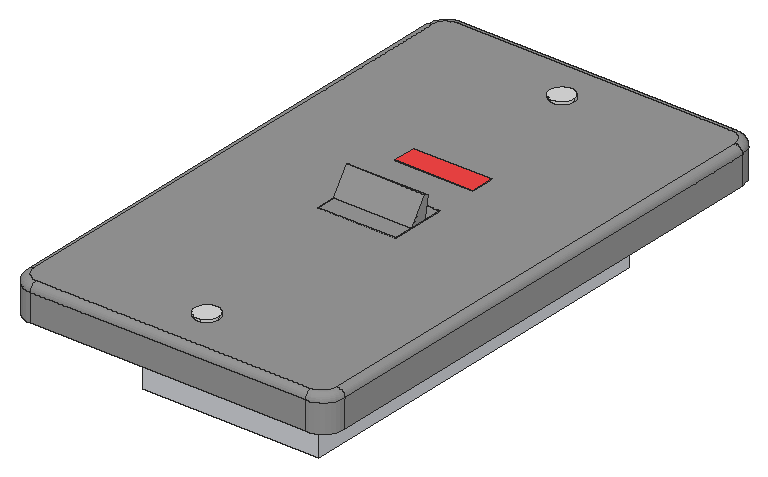
Revit family "ElectricalFixture_WiringAccessories_Hager_Sollysta_50ADoublePoleSwitches2Gang", category Electrical Fixtures, host Face, Revit 2015
Parameters (values of type "WMDP50VN")
  Warranty ID = ""
  Voltage (Volts) = "230V/240V"
  Unique Reference = "WMDP50VN"
  Type = "ElectricalFixture"
  Technical Description = Description  # "50ADoublePoleSwitch2GangVerticalwithLEDIndicator"
  Switch = yes
  Supply Phase = "1"
  Size = ""
  Single = no
  Shipping Weight kg = "0.188"
  Shape = "Rectangular"
  Reference Standard = "BS 1363-2"
  Product URL = "http://www.hager.co.uk/product-catalogue/wiring-accessories/sollysta/white-moulded/white-moulded-sockets/58428.htm"
  Product Range = "Sollysta"
  Product Model Number = "WMDP50VN"
  Product Literature = "http://www.hager.co.uk/product-catalogue/wiring-accessories/sollysta/38662.htm"
  Product Group = "WiringAccessories"
  Product Family = "WhiteMouldedSockets_50ADoublePoleSwitches"
  Packaging Recyclable = yes
  Overall Width = 0.0 mm
  Overall Length = 86.0 mm
  Overall Height = 146.0 mm
  Overall Depth = 26.07 mm
  Operation and Maintenance Manual = ""
  Name = "WhiteMouldedSocket_WMDP50VN"
  Measurement Units = "mm"
  Material = Urea Formaldehyde Thermoset Plastic
  Manufacturer Website = "http://www.hager.co.uk/"
  Manufacturer Country = "United Kingdom"
  Manufacturer = "Hager"
  LED Indicator Switch = yes
  Gross Weight kg = "0.165"
  Frequency = "50/60Hz"
  Finish = "Gloss"
  Features = Description  # "50ADoublePoleSwitch2GangVerticalwithLEDIndicator"
  Extrusion From Wall = 12.61 mm
  Expected Life = "25 years"
  EAN Code = "5015652260479"
  Double = yes
  Distance From Edge = 63.59 mm
  Distance From Centre = 22.393 mm
  Design Country = "China"
  Description = "50ADoublePoleSwitch2GangVerticalwithLEDIndicator"
  Default Elevation = 1219.2 mm
  Colour = "SollystaWhite"
  CE Approval = yes
Types (9, lengths in mm): name | Unique Reference | Technical Description | Single | Product Model Number | Product Family | Overall Height | Name | Features | EAN Code | Double | Description
  WMDP50N | "WMDP50N" | "50ADoublePoleSwitch1GangwithLEDIndicator" | yes | "WMDP50N" | "WhiteMouldedSockets_50ADoublePoleSwitches" | 86.0 | "WhiteMouldedSocket_WMDP50N" | "50ADoublePoleSwitch1GangwithLEDIndicator" | "5015652260325" | no | "50ADoublePoleSwitch1GangwithLEDIndicator"
  WMDP50N/CK | "WMDP50N/CK" | "50ADoublePoleSwitch1GangwithLEDIndicatorMarkedCooker" | yes | "WMDP50N/CK" | "WhiteMoldedSockets" | 86.0 | "WhiteMouldedSocket_WMDP50N/CK" | "50ADoublePoleSwitch1GangwithLEDIndicatorMarkedCooker" | "5015652260332" | no | "50ADoublePoleSwitch1GangwithLEDIndicatorMarkedCooker"
  WMDP50N/HB | "WMDP50N/HB" | "50ADoublePoleSwitch1GangwithLEDIndicatorMarkedHob" | yes | "WMDP50N/HB" | "WhiteMouldedSockets_50ADoublePoleSwitches" | 86.0 | "WhiteMouldedSocket_WMDP50N/CK" | "50ADoublePoleSwitch1GangwithLEDIndicatorMarkedHob" | "5015652260349" | no | "50ADoublePoleSwitch1GangwithLEDIndicatorMarkedHob"
  WMDP50N/OV | "WMDP50N/OV" | "50ADoublePoleSwitch1GangwithLEDIndicatorMarkedOven" | yes | "WMDP50N/OV" | "WhiteMouldedSockets_50ADoublePoleSwitches" | 86.0 | "WhiteMouldedSocket_WMDP50N/CK" | "50ADoublePoleSwitch1GangwithLEDIndicatorMarkedOven" | "5015652260356" | no | "50ADoublePoleSwitch1GangwithLEDIndicatorMarkedOven"
  WMDP50N/SH | "WMDP50N/SH" | "50ADoublePoleSwitch1GangwithLEDIndicatorMarkedShower" | yes | "WMDP50N/SH" | "WhiteMouldedSockets_50ADoublePoleSwitches" | 86.0 | "WhiteMouldedSocket_WMDP50N/SH" | "50ADoublePoleSwitch1GangwithLEDIndicatorMarkedShower" | "5015652260363" | no | "50ADoublePoleSwitch1GangwithLEDIndicatorMarkedShower"
  WMDP50VN | "WMDP50VN" | "50ADoublePoleSwitch2GangVerticalwithLEDIndicator" | no | "WMDP50VN" | "WhiteMouldedSockets_50ADoublePoleSwitches" | 146.0 | "WhiteMouldedSocket_WMDP50VN" | "50ADoublePoleSwitch2GangVerticalwithLEDIndicator" | "5015652260479" | yes | "50ADoublePoleSwitch2GangVerticalwithLEDIndicator"
  WMDP50VN/CK | "WMDP50VN/CK" | "50ADoublePoleSwitch2GangVerticalwithLEDIndicatorMarkedCooker" | no | "WMDP50VN/CK" | "WhiteMouldedSockets_50ADoublePoleSwitches" | 146.0 | "WhiteMouldedSocket_WMDP50VN/CK" | "50ADoublePoleSwitch2GangVerticalwithLEDIndicatorMarkedCooker" | "5015652260486" | yes | "50ADoublePoleSwitch2GangVerticalwithLEDIndicatorMarkedCooker"
  WMDP50VN/HB | "WMDP50VN/HB" | "50ADoublePoleSwitch2GangVerticalwithLEDIndicatorMarkedHob" | no | "WMDP50VN/HB" | "WhiteMouldedSockets_50ADoublePoleSwitches" | 146.0 | "WhiteMouldedSocket_WMDP50VN/HB" | "50ADoublePoleSwitch2GangVerticalwithLEDIndicatorMarkedHob" | "5015652260493" | yes | "50ADoublePoleSwitch2GangVerticalwithLEDIndicatorMarkedHob"
  WMDP50VN/OV | "WMDP50VN/OV" | "50ADoublePoleSwitch2GangVerticalwithLEDIndicatorMarkedOven" | no | "WMDP50VN/OV" | "WhiteMouldedSockets_50ADoublePoleSwitches" | 146.0 | "WhiteMouldedSocket_WMDP50VN/OV" | "50ADoublePoleSwitch2GangVerticalwithLEDIndicatorMarkedOven" | "5015652260509" | yes | "50ADoublePoleSwitch2GangVerticalwithLEDIndicatorMarkedOven"
Reference planes
  plane 1 "Center (Front/Back)": y = 0
  plane 2: z = 0
  plane 3 "Center (Left/Right)": x = 0
  plane 4: y = -73
  plane 5: y = 73
  plane 6: x = -73
  plane 7: x = 13
  plane 8: z = 9.47
  plane 9: z = -16.6
  plane 10: z = 12.61
  plane 11: y = -471.393
  plane 12: z = -20.53
  plane 13: x = -30
  plane 14: y = 16.633
  plane 15: y = 23
  plane 16: y = -60
  plane 17: y = 60
  plane 18: x = -60
Forms (mm)
  Extrusion 1, solid, material "Urea Formaldehyde Thermoset Plastic", detail levels fine
    sketch origin (0, 0, 0) x (1, 0, 0) y (0, 1, 0)
      loop
        arc (7.146, -73) -> (11.285, -71.285) -> (13, -67.146) r 5.854
        line (13, -67.146) -> (13, 67.146)
        arc (13, 67.146) -> (11.285, 71.285) -> (7.146, 73) r 5.854
        line (7.146, 73) -> (-67.146, 73)
        arc (-67.146, 73) -> (-71.285, 71.285) -> (-73, 67.146) r 5.854
        line (-73, 67.146) -> (-73, -67.146)
        arc (-73, -67.146) -> (-71.285, -71.285) -> (-67.146, -73) r 5.854
        line (-67.146, -73) -> (7.146, -73)
      loop
        line (-40.459, -9.37) -> (-19.471, -9.37) -> (-19.471, 5.738) -> (-40.459, 5.738) -> (-40.459, -9.37)
    from 0 to 9.47
  Sweep 2, void
    path origin (0, 0, 0) x (1, 0, 0) y (0, 1, 0)
      loop
        arc (7.146, -73) -> (11.285, -71.285) -> (13, -67.146) r 5.854
        line (13, -67.146) -> (13, 67.146)
        arc (13, 67.146) -> (11.285, 71.285) -> (7.146, 73) r 5.854
        line (7.146, 73) -> (-67.146, 73)
        arc (-67.146, 73) -> (-71.285, 71.285) -> (-73, 67.146) r 5.854
        line (-73, 67.146) -> (-73, -67.146)
        arc (-73, -67.146) -> (-71.285, -71.285) -> (-67.146, -73) r 5.854
        line (-67.146, -73) -> (7.146, -73)
    profile origin (-30, -73, 0) x (0, -1, 0) y (0, 0, 1)
      loop
        line (0, 9.47) -> (-2, 9.47)
        arc (-2, 9.47) -> (-0.586, 8.884) -> (0, 7.47) r 2
        line (0, 7.47) -> (0, 9.47)
  Extrusion 3, solid, material "Urea Formaldehyde Thermoset Plastic", detail levels medium
    sketch origin (0, 0, 0) x (1, 0, 0) y (0, 1, 0)
      loop
        line (-73, 73) -> (-73, -73) -> (13, -73) -> (13, 73) -> (-73, 73)
    from 0 to 9.47
  Extrusion 4, solid, material "Urea Formaldehyde Thermoset Plastic", detail levels fine
    sketch origin (0, -41.313, -17.164) x (0, 0.891007, -0.45399) y (0, 0.45399, 0.891007)
      loop
        line (20.991, 39.437) -> (25.918, 39.437) -> (23.567, 48.213) -> (22.381, 48.213) -> (20.991, 39.437)
    from -40.459 to -19.471
  Extrusion 5, solid, material "Urea Formaldehyde Thermoset Plastic", detail levels fine
    sketch origin (0, 0, 0) x (1, 0, 0) y (0, 1, 0)
      loop
        line (-40.459, -9.37) -> (-19.471, -9.37) -> (-19.471, 5.738) -> (-40.459, 5.738) -> (-40.459, -9.37)
    from 6.208 to 9.47
  Extrusion 6, solid, material "LED Indicator", visible <- "LED Indicator Switch", detail levels fine
    sketch origin (-29.405, -4.712, 0) x (1, 0, 0) y (0, 1, 0)
      loop
        line (-11.054, 21.345) -> (9.934, 21.345) -> (9.934, 27.712) -> (-11.054, 27.712) -> (-11.054, 21.345)
    from 0 to 9.5
  Extrusion 7, solid, material "Steel, Chrome Plated", visible <- "Single", detail levels fine
    sketch origin (-60, 0, 0) x (-1, 0, 0) y (0, -1, 0)
      loop
        circle (0, 0) r 3.228
    from 0 to 10
  Extrusion 8, solid, material "Steel, Chrome Plated", visible <- "Double", detail levels fine
    sketch origin (-35.909, 31.361, 0) x (-1, 0, 0) y (0, -1, 0)
      loop
        circle (-5.909, -28.639) r 3.228
    from 0 to 10
  Extrusion 9, solid, material "Steel, Chrome Plated", visible <- "Double", detail levels fine
    sketch origin (-35.909, -31.361, 0) x (-1, 0, 0) y (0, -1, 0)
      loop
        circle (-5.909, 28.639) r 3.228
    from 0 to 10
  Extrusion 10, solid, material "Steel, Chrome Plated", visible <- "Single", detail levels fine
    sketch origin (0, 0, 0) x (1, 0, 0) y (0, 1, 0)
      loop
        circle (0, 0) r 3.228
    from 0 to 10
  Extrusion 11, solid, detail levels medium+fine
    sketch origin (0, 0, 0) x (1, 0, 0) y (0, 1, 0)
      loop
        line (-53.699, -51.781) -> (-6.401, -51.781) -> (-6.401, 53.219) -> (-53.699, 53.219) -> (-53.699, -51.781)
    from -20.53 to 0
Cuts and joins
  Sweep 2 cuts Extrusion 1
Lines and regions (mm)
  symbolic lines, style "ElectricalFixtures", not visible, detail levels coarse
    curve 1: line (73.42, -504.912, 19.451) -> (3.42, -504.912, 19.451)
    curve 2: arc (73.42, -504.912, 19.451) -> (38.42, -504.912, 54.451) -> (3.42, -504.912, 19.451) r 35
    curve 3: circle (38.42, -504.912, 54.451) r 6 normal (0, 1, 0)
    curve 4: line (38.42, -504.912, 54.451) -> (38.42, -504.912, 99.451)
    curve 5: line (38.42, -504.912, 99.451) -> (68.42, -504.912, 99.451)
    curve 6: line (38.42, -504.912, 54.451) -> (10.78, -504.912, 87.391)
    curve 7: line (10.78, -504.912, 87.391) -> (-3.315, -504.912, 75.564)
    curve 8: line (0.509, -504.912, 19.451) -> (-69.491, -504.912, 19.451)
    curve 9: arc (0.509, -504.912, 19.451) -> (-34.491, -504.912, 54.451) -> (-69.491, -504.912, 19.451) r 35
    curve 10: circle (-34.491, -504.912, 54.451) r 6 normal (0, 1, 0)
    curve 11: line (-34.491, -504.912, 54.451) -> (-34.491, -504.912, 99.451)
    curve 12: line (-34.491, -504.912, 99.451) -> (-4.491, -504.912, 99.451)
    curve 13: line (-34.491, -504.912, 54.451) -> (-62.13, -504.912, 87.391)
    curve 14: line (-62.13, -504.912, 87.391) -> (-76.226, -504.912, 75.564)
  model lines
    curve 15: line (-73, 67.146, 0) -> (-73, -67.146, 0)
    curve 16: line (-67.146, -73, 0) -> (7.146, -73, 0)
    curve 17: arc (-73, -67.146, 0) -> (-71.285, -71.285, 0) -> (-67.146, -73, 0) r 5.854
    curve 18: arc (-67.146, 73, 0) -> (-71.285, 71.285, 0) -> (-73, 67.146, 0) r 5.854
    curve 19: line (7.146, 73, 0) -> (-67.146, 73, 0)
    curve 20: arc (13, 67.146, 0) -> (11.285, 71.285, 0) -> (7.146, 73, 0) r 5.854
    curve 21: line (13, -67.146, 0) -> (13, 67.146, 0)
    curve 22: arc (7.146, -73, 0) -> (11.285, -71.285, 0) -> (13, -67.146, 0) r 5.854
    curve 23: line (-40.459, 16.633, 0) -> (-19.471, 16.633, 0)
    curve 24: line (-19.471, 16.633, 0) -> (-19.471, 23, 0)
    curve 25: line (-19.471, 23, 0) -> (-40.459, 23, 0)
    curve 26: line (-40.459, 23, 0) -> (-40.459, 16.633, 0)
    curve 27: line (-40.459, -9.37, 0) -> (-19.471, -9.37, 0)
    curve 28: line (-19.471, -9.37, 0) -> (-19.471, 5.738, 0)
    curve 29: line (-19.471, 5.738, 0) -> (-40.459, 5.738, 0)
    curve 30: line (-40.459, 5.738, 0) -> (-40.459, -9.37, 0)
    curve 31: line (-40.459, -4.706, 0) -> (-19.471, -4.706, 0)
    curve 32: line (-19.471, -0.316, 0) -> (-40.459, -0.316, 0)
  model lines, visible <- "Single"
    curve 33: arc (-63.228, 0, 0) -> (-60, -3.228, 0) -> (-56.772, 0, 0) r 3.228
    curve 34: arc (-56.772, 0, 0) -> (-60, 3.228, 0) -> (-63.228, 0, 0) r 3.228
    curve 35: arc (-3.228, 0, 0) -> (0, -3.228, 0) -> (3.228, 0, 0) r 3.228
    curve 36: arc (3.228, 0, 0) -> (0, 3.228, 0) -> (-3.228, 0, 0) r 3.228
  model lines, visible <- "Double"
    curve 37: arc (-26.772, -60, 0) -> (-30, -56.772, 0) -> (-33.228, -60, 0) r 3.228
    curve 38: arc (-33.228, -60, 0) -> (-30, -63.228, 0) -> (-26.772, -60, 0) r 3.228
    curve 39: arc (-33.228, 60, 0) -> (-30, 56.772, 0) -> (-26.772, 60, 0) r 3.228
    curve 40: arc (-26.772, 60, 0) -> (-30, 63.228, 0) -> (-33.228, 60, 0) r 3.228
Dimensions and locks
  plane 10 to plane 9 = 29.21 mm
  plane 8 to plane 9 = 26.07 mm
  plane 2 to plane 9 = 16.6 mm
  "Overall Length": plane 6 to plane 7
  "Overall Height": plane 4 to plane 5
  "Overall Depth": plane 9 to plane 8
  "Extrusion From Wall": plane 2 to plane 10
  plane 8 to plane 12 = 30.0 mm
  equal spacing: plane 4, plane 1 "Center (Front/Back)", plane 5
  locked: plane 1 "Center (Front/Back)" to plane 14 at 16.633
  locked: plane 17 to plane 5 at 13
  locked: plane 4 to plane 16 at 13
  aligned and locked: plane 2 to host face
  aligned and locked: level to host face
  aligned and locked: Extrusion 1 sketch curve to plane 4
  aligned and locked: Extrusion 1 sketch curve to plane 7
  aligned and locked: Extrusion 1 sketch curve to plane 5
  aligned and locked: Extrusion 1 sketch curve to plane 6
  aligned and locked: Extrusion 1 to plane 8
  aligned and locked: Sweep 2 sketch curve to plane 4
  aligned and locked: Sweep 2 sketch curve to plane 6
  aligned and locked: Sweep 2 sketch curve to plane 5
  aligned and locked: Sweep 2 sketch curve to plane 7
  aligned and locked: curve 17 to cut or joined group of Extrusion 1, Sweep 2
  aligned and locked: curve 18 to cut or joined group of Extrusion 1, Sweep 2
  aligned and locked: curve 20 to cut or joined group of Extrusion 1, Sweep 2
  aligned and locked: curve 22 to cut or joined group of Extrusion 1, Sweep 2
  aligned and locked: Extrusion 3 sketch curve to plane 6
  aligned and locked: Extrusion 3 sketch curve to plane 4
  aligned and locked: Extrusion 3 sketch curve to plane 7
  aligned and locked: Extrusion 3 sketch curve to plane 5
  aligned and locked: Extrusion 3 to plane 8
  aligned and locked: Extrusion 3 to level
  aligned and locked: Extrusion 4 to cut or joined group of Extrusion 1, Sweep 2  (x2)
  aligned and locked: Extrusion 5 sketch curve to cut or joined group of Extrusion 1, Sweep 2  (x3)
  aligned and locked: Extrusion 1 to Extrusion 5
  aligned and locked: Extrusion 6 to curve 24
  aligned and locked: curve 26 to Extrusion 6
  aligned and locked: curve 27 to Extrusion 5
  aligned and locked: curve 28 to Extrusion 5
  aligned and locked: curve 29 to Extrusion 5
  aligned and locked: curve 30 to Extrusion 5
  aligned and locked: curve 31 to Extrusion 4
  aligned and locked: curve 32 to Extrusion 4
  aligned and locked: plane 15 to curve 25
  aligned and locked: plane 15 to Extrusion 6
  aligned and locked: Extrusion 6 to plane 14
  aligned and locked: curve 23 to plane 14
  aligned and locked: plane 13 to Extrusion 8 sketch curve
  aligned and locked: plane 17 to Extrusion 8 sketch curve
  aligned and locked: plane 16 to Extrusion 9 sketch curve
  aligned and locked: plane 13 to Extrusion 9 sketch curve
  aligned and locked: plane 18 to Extrusion 7 sketch curve
  aligned and locked: plane 1 "Center (Front/Back)" to Extrusion 7 sketch curve
  aligned and locked: plane 3 "Center (Left/Right)" to Extrusion 10 sketch curve
  aligned and locked: plane 1 "Center (Front/Back)" to Extrusion 10 sketch curve
  aligned and locked: curve 33 to Extrusion 7
  aligned and locked: curve 34 to Extrusion 7
  aligned and locked: curve 35 to Extrusion 10
  aligned and locked: curve 36 to Extrusion 10
  aligned and locked: curve 37 to Extrusion 9
  aligned and locked: curve 38 to Extrusion 9
  aligned and locked: curve 39 to Extrusion 8
  aligned and locked: curve 40 to Extrusion 8
  aligned and locked: plane 12 to Extrusion 11
  aligned and locked: level to Extrusion 11
Automatic sketch dimensions
  host sketch curve to host sketch curve = 2438.4 mm  (x2)
  plane 6 to Extrusion 1 sketch curve = 5.854 mm  (x2)
  Extrusion 1 sketch curve to plane 13 = 10.459 mm
  plane 13 to Extrusion 1 sketch curve = 10.529 mm
  Extrusion 1 sketch curve to plane 4 = 5.854 mm
  plane 5 to Extrusion 1 sketch curve = 5.854 mm
  plane 1 "Center (Front/Back)" to Extrusion 1 sketch curve = 9.37 mm
  Extrusion 1 sketch curve to plane 1 "Center (Front/Back)" = 5.738 mm
  plane 6 to Sweep 2 sketch curve = 5.854 mm  (x2)
  Sweep 2 sketch curve to Sweep 2 sketch curve = 5.854 mm
  Sweep 2 sketch curve to plane 7 = 5.854 mm
  Sweep 2 sketch curve to profile plane = 0.0 mm
  Sweep 2 sketch curve to Sweep 2 sketch curve = 2.0 mm
  level to Sweep 2 sketch curve = 7.47 mm
  plane 8 to Extrusion 4 sketch curve = 1.025 mm
  plane 1 "Center (Front/Back)" to Extrusion 4 sketch curve = 4.706 mm
  Extrusion 4 sketch curve to Extrusion 4 sketch curve = 1.39 mm
  Extrusion 4 sketch curve to Extrusion 4 sketch curve = 1.186 mm
  Extrusion 4 sketch curve to Extrusion 4 sketch curve = 4.928 mm
  Extrusion 4 sketch curve to Extrusion 4 sketch curve = 8.775 mm
  plane 1 "Center (Front/Back)" to Extrusion 5 sketch curve = 9.37 mm
  Extrusion 6 sketch curve to plane 14 = 0.0 mm
  Extrusion 6 sketch curve to plane 15 = 0.0 mm
  Extrusion 6 sketch curve to plane 13 = 10.459 mm
  plane 13 to Extrusion 6 sketch curve = 10.529 mm
  Extrusion 7 sketch curve to plane 18 = 3.228 mm
  Extrusion 8 sketch curve to Extrusion 8 sketch curve = 3.228 mm
  Extrusion 9 sketch curve to Extrusion 9 sketch curve = 3.228 mm
  Extrusion 10 sketch curve to plane 3 "Center (Left/Right)" = 3.228 mm
  plane 18 to Extrusion 11 sketch curve = 6.301 mm
  Extrusion 11 sketch curve to plane 3 "Center (Left/Right)" = 6.401 mm
  Extrusion 11 sketch curve to plane 16 = 8.219 mm
  plane 17 to Extrusion 11 sketch curve = 6.781 mm
Nested families
  nested 1: "LED Switch" at (115.776, 36.364, 0), type "LED Switch"
  nested 2: "LED Switch" at (-1946.613, 203, 0), type "LED Switch"
Definition of nested family "LED Switch"
  Parameters (values of type "LED Switch")
    LED Indicator Switch = no
  Reference planes
    plane 1 "Center (Front/Back)": y = 0
    plane 2: z = 0
    plane 3 "Center (Left/Right)": x = 0
  Forms (mm)
    Extrusion 1, solid, visible <- "LED Indicator Switch", detail levels fine
      sketch origin (-4.952, -17.415, 4.745) x (-1, 0, 0) y (0, -0.987688, 0.156434)
        loop
          line (-2.778, -29.269) -> (-7.654, -29.269) -> (-7.654, -32.25) -> (-2.778, -32.25) -> (-2.778, -29.269)
      from 0 to 8.633
    Extrusion 2, solid, visible <- "LED Indicator Switch", detail levels fine
      sketch origin (-74.952, -18.168, 4.067) x (-1, 0, 0) y (0, -0.987688, 0.156434)
        loop
          line (-82.054, -8.53) -> (-82.054, -29.653)
          arc (-82.054, -29.653) -> (-81.106, -31.94) -> (-78.819, -32.888) r 3.235
          line (-78.819, -32.888) -> (-77.654, -32.888) -> (-77.654, -29.907) -> (-75.259, -29.907) -> (-72.778, -29.907) -> (-72.778, -32.888) -> (-71.698, -32.888)
          arc (-71.698, -32.888) -> (-69.359, -31.919) -> (-68.39, -29.58) r 3.308
          line (-68.39, -29.58) -> (-68.39, -8.616)
          arc (-68.39, -8.616) -> (-69.351, -6.296) -> (-71.671, -5.335) r 3.281
          line (-71.671, -5.335) -> (-78.859, -5.335)
          arc (-78.859, -5.335) -> (-81.118, -6.271) -> (-82.054, -8.53) r 3.194
      from 0 to 9.42
  Dimensions and locks
    aligned and locked: level to plane 2
